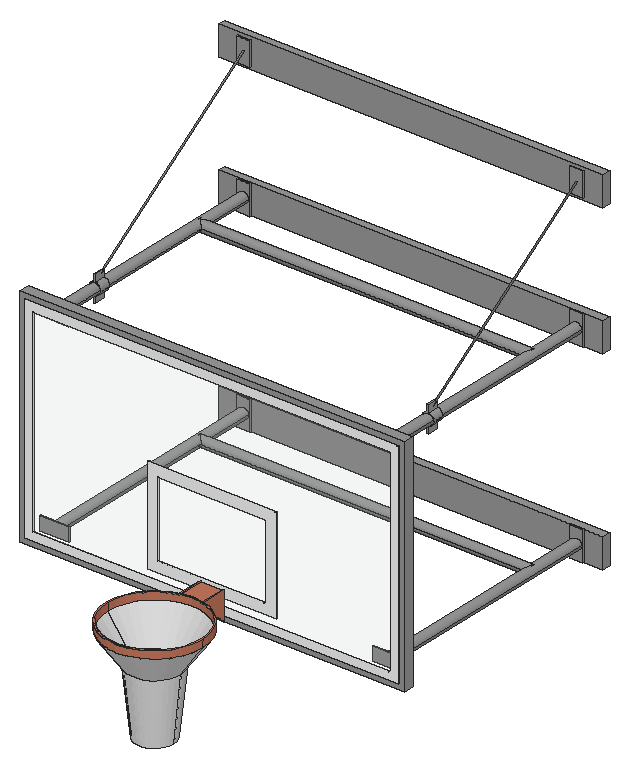
Revit family "Basketball-Structure_Wall-Mount_Stationary_PKGxxSTRG", category Generic Models, Revit 2018
Family settings
  Can host rebar = No
  Round Connector Dimension = Use Diameter
  Part Type = Normal
  OmniClass Number = 23.40.50.34.14
  OmniClass Title = Gymnasium Equipment
  Work Plane-Based = No
  Always vertical = Yes
  Cut with Voids When Loaded = No
  Shared = No
  Room Calculation Point = No
Parameters (values of type "PKG46STRG")
  Width = 6' - 0"
  Wall Plate Material = Wood
  URL = "https://ipibybison.com/"
  Test Data = "http://www.ipibybison.com/ToolBox.php"
  Suspension Type = "Telescoping"
  Support Tubing Material = Steel - Tubular Support
  Support Tubing Diameter = 0' - 1.9"
  Specification = "https://www.arcat.com/arcatcos/cos49/arc49571.html"
  Sales Information = "http://www.ipibybison.com/DealersPage.php"
  Revision = "R1_2018-09"
  Product Data = "http://www.arcat.com/arcatcos/cos38/arc38554.html"
  PKG82STRG Extension Range = "96\" to 144\""
  PKG68STRG Extension Range = "72\" to 96\""
  PKG46STRG Extension Range = "48\" to 72\""
  Netting = Finish - IPI by Bison - White Netting
  Mounting Height [instance] = 8' - 0"
  Model = "As Specified"
  Manufacturer Website = "http://www.ipibybison.com/"
  Manufacturer Phone - Toll Free = "888-438-5311"
  Manufacturer Phone = "888-438-5311"
  Manufacturer Fax = "888-438-5312"
  Manufacturer Address = "603 L St.   Lincoln, NE 68508"
  Manufacturer = "IPI by bison"
  Keynote = "11 66 00"
  Installation-Fabrication = "http://www.ipibybison.com/InstallersPage.php"
  Hoop Finish = Powder Coat - Playground Orange
  Green Building-LEED = "https://www.arcat.com/green/green_building.shtml"
  Extension Depth = 4' - 0"
  Drawn By = "Sumex Design, Inc. / Robert S. Weygant, CSI, CDT, SCIP"
  Description = "IPI by Bison Gymnasium Equipment"
  Copyright = "©Arcat Inc."
  Construction Details = "https://www.arcat.com/downloads/38554-brpbis/bim/bison/BRP%20by%20bison"
  Category = ""
  Building Codes = "https://www.brpbybison.com/submittals.html"
  Backboard Material = Fiberglass - Backboard
  Backboard Height = 3' - 6"
  Backboard Frame Material = Steel - Tubular Support
Types (3): name | Manufacturer | Extension Depth
  PKG68STRG | "IPI by bison" | 6' - 0"
  PKG82STRG | "BRP by bison" | 8' - 0"
  PKG46STRG | "IPI by bison" | 4' - 0"
Reference planes (in)
  plane 1 "Back": y = 0
  plane 2 "Floor": z = 0
  plane 3 "Center (Left/Right)": x = 0
  plane 4 "Front": y = -48
  plane 5: y = -46
  plane 6 "Left": x = -36
  plane 7 "Right": x = 36
  plane 8 "Chain Alignment": x = -31.188
  plane 9 "Backboard Bottom": z = 96
  plane 10 "Chain Alignment 2": x = 31.188
  plane 11 "Top": z = 138
  plane 12: z = 135.091
  plane 13: z = 98.909
  plane 14: y = -1.5
  plane 15: y = -1.75
  plane 16: y = -45.75
  plane 17: z = 137.841
  plane 18: z = 132.341
  plane 19: z = 96.159
  plane 20: z = 101.659
  plane 21: x = -32.438
  plane 22: x = -29.938
  plane 23: x = 32.438
  plane 24: x = 29.938
  plane 25: z = 101.25
  plane 26: y = -48.0625
  plane 27: y = -12
  plane 28: z = 156.841
  plane 29 "Top Plate": z = 162.341
  plane 30: y = -34.5
  plane 31: y = -36.5
  plane 32: y = -35.5
  plane 33: z = 159.591
  plane 34: z = 136.841
Forms (in)
  Extrusion 1, solid, material "Steel - Tubular Support" <- "Support Tubing Material"
    sketch origin (0, 0, 0) x (1, 0, 0) y (0, 0, 1)
      loop
        circle (-31.188, 98.909) r 0.95
      loop
        circle (-31.188, 135.091) r 0.95
      loop
        circle (31.188, 98.909) r 0.95
      loop
        circle (31.188, 135.091) r 0.95
    from 1.75 to 45.75
  Extrusion 2, solid, material "Wood" <- "Wall Plate Material"
    sketch origin (0, 0, 0) x (0, 1, 0) y (0, 0, 1)
      loop
        line (0, 137.841) -> (-1.5, 137.841) -> (-1.5, 132.341) -> (0, 132.341) -> (0, 137.841)
      loop
        line (0, 101.659) -> (-1.5, 101.659) -> (-1.5, 96.159) -> (0, 96.159) -> (0, 101.659)
      loop
        line (0, 162.341) -> (-1.5, 162.341) -> (-1.5, 156.841) -> (0, 156.841) -> (0, 162.341)
    from -36 to 36
  Extrusion 3, solid, material "Steel - Tubular Support" <- "Support Tubing Material"
    sketch origin (0, 0, 0) x (1, 0, 0) y (0, 0, 1)
      loop
        line (-32.438, 137.841) -> (-32.438, 132.341) -> (-29.938, 132.341) -> (-29.938, 137.841) -> (-32.438, 137.841)
      loop
        line (29.938, 137.841) -> (29.938, 132.341) -> (32.438, 132.341) -> (32.438, 137.841) -> (29.938, 137.841)
      loop
        line (-32.438, 101.659) -> (-32.438, 96.159) -> (-29.938, 96.159) -> (-29.938, 101.659) -> (-32.438, 101.659)
      loop
        line (29.938, 101.659) -> (29.938, 96.159) -> (32.438, 96.159) -> (32.438, 101.659) -> (29.938, 101.659)
      loop
        line (-32.438, 161.841) -> (-32.438, 157.341) -> (-29.938, 157.341) -> (-29.938, 161.841) -> (-32.438, 161.841)
      loop
        line (32.438, 161.841) -> (29.938, 161.841) -> (29.938, 157.341) -> (32.438, 157.341) -> (32.438, 161.841)
    from 1.5 to 1.75
  Extrusion 4, solid, material "Steel - Tubular Support" <- "Support Tubing Material"
    sketch origin (0, 0, 0) x (1, 0, 0) y (0, 0, 1)
      loop
        line (-33.938, 133.841) -> (-28.438, 133.841) -> (-28.438, 136.341) -> (-33.938, 136.341) -> (-33.938, 133.841)
      loop
        line (33.938, 133.841) -> (33.938, 136.341) -> (28.438, 136.341) -> (28.438, 133.841) -> (33.938, 133.841)
      loop
        line (-33.938, 97.659) -> (-28.438, 97.659) -> (-28.438, 100.159) -> (-33.938, 100.159) -> (-33.938, 97.659)
      loop
        line (33.938, 97.659) -> (33.938, 100.159) -> (28.438, 100.159) -> (28.438, 97.659) -> (33.938, 97.659)
    from 45.75 to 46
  Extrusion 5, solid, material "Steel - Tubular Support" <- "Backboard Frame Material"
    sketch origin (0, 0, 0) x (1, 0, 0) y (0, 0, 1)
      loop
        line (-36, 138) -> (-36, 96) -> (36, 96) -> (36, 138) -> (-36, 138)
      loop
        line (-35, 137) -> (-35, 97) -> (35, 97) -> (35, 137) -> (-35, 137)
    from 46 to 48
  Extrusion 6, solid, material "Powder Coat - White"
    sketch origin (0, 0, 0) x (1, 0, 0) y (0, 0, 1)
      loop
        line (-35, 137) -> (-35, 97) -> (35, 97) -> (35, 137) -> (-35, 137)
      loop
        line (-33.5, 98.5) -> (33.5, 98.5) -> (33.5, 135.5) -> (-33.5, 135.5) -> (-33.5, 98.5)
      loop
        line (-12.061, 99.898) -> (12.061, 99.898) -> (12.061, 117.898) -> (-12.061, 117.898) -> (-12.061, 99.898)
      loop
        line (-10.061, 115.898) -> (-10.061, 101.898) -> (10.061, 101.898) -> (10.061, 115.898) -> (-10.061, 115.898)
    from 48 to 48.0625
  Extrusion 7, solid, material "Fiberglass - Backboard" <- "Backboard Material"
    sketch origin (0, 0, 0) x (1, 0, 0) y (0, 0, 1)
      loop
        line (-35, 137) -> (-35, 97) -> (35, 97) -> (35, 137) -> (-35, 137)
    from 46 to 48
  Extrusion 8, solid, material "Steel - Tubular Support" <- "Support Tubing Material"
    sketch origin (0, 0, 0) x (0, 1, 0) y (0, 0, 1)
      loop
        circle (-12, 135.091) r 0.95
      loop
        circle (-12, 98.909) r 0.95
    from -31.188 to 31.188
  Extrusion 9, solid, material "Steel - Tubular Support" <- "Support Tubing Material"
    sketch origin (0, 0, 0) x (1, 0, 0) y (0, 0, 1)
      loop
        circle (-31.188, 135.091) r 0.95
      loop
        arc (-31.313, 136.18535) -> (-32.28946, 135.091) -> (-31.313, 133.99665) r 1.10146
        line (-31.313, 133.99665) -> (-31.313, 132.657) -> (-31.063, 132.657) -> (-31.063, 133.99665)
        arc (-31.063, 133.99665) -> (-30.08654, 135.091) -> (-31.063, 136.18535) r 1.10146
        line (-31.063, 136.18535) -> (-31.063, 137.525) -> (-31.313, 137.525) -> (-31.313, 136.18535)
      loop
        circle (31.188, 135.091) r 0.95
      loop
        line (31.313, 136.18535) -> (31.313, 137.525) -> (31.063, 137.525) -> (31.063, 136.18535)
        arc (31.063, 136.18535) -> (30.08654, 135.091) -> (31.063, 133.99665) r 1.10146
        line (31.063, 133.99665) -> (31.063, 132.657) -> (31.313, 132.657) -> (31.313, 133.99665)
        arc (31.313, 133.99665) -> (32.28946, 135.091) -> (31.313, 136.18535) r 1.10146
    from 34.5 to 36.5
  Sweep 10, solid, material "Steel - Tubular Support" <- "Support Tubing Material"
    path origin (-31.188, 0, 0) x (0, 1, 0) y (0, 0, 1)
      loop
        line (-1.75, 159.591) -> (-35.5, 136.82634)
    profile origin (-31.188, -18.625, 148.20867) x (0, 0.559193, -0.829038) y (1, 0, 0)
      loop
        circle (0, 0) r 0.125
  Sweep 11, solid, material "Steel - Tubular Support" <- "Support Tubing Material"
    path origin (31.188, 0, 0) x (0, 1, 0) y (0, 0, 1)
      loop
        line (-1.75, 159.591) -> (-35.5, 136.82634)
    profile origin (31.188, -18.625, 148.20867) x (0, -0.559193, 0.829038) y (-1, 0, 0)
      loop
        circle (0, 0) r 0.125
Dimensions and locks (in)
  "Extension Depth": plane 1 "Back" to plane 4 "Front"
  locked: plane 5 to plane 4 "Front" at 2
  equal spacing: plane 6 "Left", plane 3 "Center (Left/Right)", plane 7 "Right"
  "Width": plane 6 "Left" to plane 7 "Right"
  "Mounting Height": plane 9 "Backboard Bottom" to level
  "Backboard Height": plane 11 "Top" to plane 9 "Backboard Bottom"
  plane 14 to plane 1 "Back" = 0' - 1 1/2"
  locked: plane 14 to plane 15 at 0.25
  locked: plane 16 to plane 5 at 0.25
  equal spacing: plane 17, plane 12, plane 18
  locked: plane 17 to plane 18 at 5.5
  equal spacing: plane 20, plane 13, plane 19
  locked: plane 20 to plane 19 at 5.5
  equal spacing: plane 22, plane 8 "Chain Alignment", plane 21
  locked: plane 22 to plane 21 at 2.5
  equal spacing: plane 24, plane 10 "Chain Alignment 2", plane 23
  locked: plane 24 to plane 23 at 2.5
  equal spacing: Extrusion 4 sketch curve, plane 8 "Chain Alignment", Extrusion 4 sketch curve  (x2)
  locked: Extrusion 4 sketch curve to Extrusion 4 sketch curve at 5.5  (x4)
  equal spacing: Extrusion 4 sketch curve, plane 12, Extrusion 4 sketch curve  (x2)
  locked: Extrusion 4 sketch curve to Extrusion 4 sketch curve at 2.5  (x4)
  equal spacing: Extrusion 4 sketch curve, plane 10 "Chain Alignment 2", Extrusion 4 sketch curve  (x2)
  equal spacing: Extrusion 4 sketch curve, plane 13, Extrusion 4 sketch curve  (x2)
  locked: plane 11 "Top" to Extrusion 5 sketch curve at 1
  locked: Extrusion 5 sketch curve to Extrusion 5 sketch curve at 1
  locked: Extrusion 5 sketch curve to plane 7 "Right" at 1
  locked: Extrusion 5 sketch curve to plane 6 "Left" at 1
  Extrusion 6 sketch curve to Extrusion 5 to plane 6 "Left" = 0' - 1 1/2" locked, 0' - 1" locked
  Extrusion 6 sketch curve to Extrusion 5 to plane 7 "Right" = 0' - 1 1/2" locked, 0' - 1" locked
  plane 11 "Top" to Extrusion 5 to Extrusion 6 sketch curve = 0' - 1" locked, 0' - 1 1/2" locked
  Extrusion 6 sketch curve to Extrusion 5 to plane 9 "Backboard Bottom" = 0' - 1 1/2" locked, 0' - 1" locked
  locked: plane 21 to plane 6 "Left" at 3.562
  locked: plane 23 to plane 7 "Right" at 3.562
  locked: Extrusion 6 to plane 6 "Left" at 1
  locked: Extrusion 6 to plane 7 "Right" at 1
  locked: Extrusion 6 to plane 9 "Backboard Bottom" at 1
  locked: plane 11 "Top" to Extrusion 6 at 1
  locked: plane 25 to plane 9 "Backboard Bottom" at 5.25
  locked: plane 4 "Front" to plane 26 at 0.0625
  equal spacing: Extrusion 6 sketch curve, plane 3 "Center (Left/Right)", Extrusion 6 sketch curve
  locked: Extrusion 6 sketch curve to Extrusion 6 sketch curve at 2  (x4)
  locked: Extrusion 6 sketch curve to Extrusion 6 sketch curve at 14
  locked: Extrusion 6 sketch curve to plane 9 "Backboard Bottom" at 3.898
  locked: plane 27 to plane 1 "Back" at 12
  locked: plane 29 "Top Plate" to Extrusion 3 sketch curve at 0.5  (x2)
  locked: Extrusion 3 sketch curve to plane 28 at 0.5  (x2)
  locked: Extrusion 9 sketch curve to plane 12 at 2.434  (x2)
  locked: plane 12 to Extrusion 9 sketch curve at 2.434  (x2)
  locked: plane 30 to plane 31 at 2
  equal spacing: plane 30, plane 32, plane 31
  equal spacing: plane 29 "Top Plate", plane 33, plane 28
  locked: plane 17 to plane 34 at 1
  locked: plane 30 to plane 26 at 13.5625
  locked: plane 29 "Top Plate" to plane 28 at 5.5
  locked: plane 29 "Top Plate" to plane 17 at 24.5
  locked: plane 19 to plane 9 "Backboard Bottom" at 0.159
  locked: plane 11 "Top" to plane 17 at 0.159
  "Support Tubing Diameter": diameter of Extrusion 1 sketch curve  (x4)
  "Support Tubing Diameter": diameter of Extrusion 8 sketch curve  (x2)
  aligned and locked: plane 2 "Floor" to level
  aligned and locked: plane 8 "Chain Alignment" to Extrusion 1 sketch curve  (x2)
  aligned and locked: plane 13 to Extrusion 1 sketch curve  (x2)
  aligned and locked: plane 12 to Extrusion 1 sketch curve  (x2)
  aligned and locked: plane 10 "Chain Alignment 2" to Extrusion 1 sketch curve  (x2)
  aligned and locked: Extrusion 1 to plane 16
  aligned and locked: plane 15 to Extrusion 1
  aligned and locked: Extrusion 2 sketch curve to plane 17
  aligned and locked: plane 14 to Extrusion 2 sketch curve  (x3)
  aligned and locked: plane 1 "Back" to Extrusion 2 sketch curve  (x3)
  aligned and locked: plane 18 to Extrusion 2 sketch curve
  aligned and locked: Extrusion 2 sketch curve to plane 20
  aligned and locked: plane 19 to Extrusion 2 sketch curve
  aligned and locked: Extrusion 2 to plane 6 "Left"
  aligned and locked: Extrusion 2 to plane 7 "Right"
  aligned and locked: plane 18 to Extrusion 3 sketch curve  (x2)
  aligned and locked: plane 21 to Extrusion 3 sketch curve  (x3)
  aligned and locked: plane 22 to Extrusion 3 sketch curve  (x3)
  aligned and locked: Extrusion 3 sketch curve to plane 17  (x2)
  aligned and locked: plane 23 to Extrusion 3 sketch curve  (x2)
  aligned and locked: plane 24 to Extrusion 3 sketch curve  (x2)
  aligned and locked: plane 19 to Extrusion 3 sketch curve  (x2)
  aligned and locked: Extrusion 3 sketch curve to plane 20  (x2)
  aligned and locked: plane 14 to Extrusion 3
  aligned and locked: Extrusion 3 to plane 15
  aligned and locked: Extrusion 4 to plane 5
  aligned and locked: plane 16 to Extrusion 4
  aligned and locked: plane 6 "Left" to Extrusion 5 sketch curve
  aligned and locked: Extrusion 5 sketch curve to plane 11 "Top"
  aligned and locked: plane 9 "Backboard Bottom" to Extrusion 5 sketch curve
  aligned and locked: plane 7 "Right" to Extrusion 5 sketch curve
  aligned and locked: plane 5 to Extrusion 5
  aligned and locked: Extrusion 5 to plane 4 "Front"
  aligned and locked: plane 5 to Extrusion 7
  aligned and locked: nested 1 to plane 3 "Center (Left/Right)"
  aligned and locked: plane 25 to nested 1
  aligned and locked: nested 1 to plane 4 "Front"
  aligned and locked: plane 4 "Front" to Extrusion 6
  aligned and locked: plane 26 to Extrusion 6
  aligned and locked: Extrusion 7 to plane 4 "Front"
  aligned and locked: plane 27 to Extrusion 8 sketch curve  (x2)
  aligned and locked: plane 12 to Extrusion 8 sketch curve
  aligned and locked: Extrusion 8 to plane 8 "Chain Alignment"
  aligned and locked: Extrusion 8 to plane 10 "Chain Alignment 2"
  aligned and locked: plane 13 to Extrusion 8 sketch curve
  aligned and locked: plane 28 to Extrusion 2 sketch curve
  aligned and locked: Extrusion 2 sketch curve to plane 29 "Top Plate"
  aligned and locked: Extrusion 3 sketch curve to plane 24
  aligned and locked: Extrusion 3 sketch curve to plane 23
  aligned and locked: plane 8 "Chain Alignment" to Extrusion 9 sketch curve
  aligned and locked: plane 12 to Extrusion 9 sketch curve  (x2)
  aligned and locked: plane 10 "Chain Alignment 2" to Extrusion 9 sketch curve
  aligned and locked: plane 30 to Extrusion 9
  aligned and locked: Extrusion 9 to plane 31
  aligned and locked: plane 33 to Sweep 10 sketch curve
  aligned and locked: plane 32 to Sweep 10 sketch curve
  aligned and locked: plane 15 to Sweep 10 sketch curve
  aligned and locked: plane 32 to Sweep 11 sketch curve
  aligned and locked: plane 15 to Sweep 11 sketch curve
Automatic sketch dimensions
  plane 34 to Extrusion 6 sketch curve = 0' - 0.159"
  plane 6 "Left" to Extrusion 6 sketch curve = 0' - 1"
  Extrusion 6 sketch curve to plane 3 "Center (Left/Right)" = 1' - 0.061"
  plane 7 "Right" to Extrusion 6 sketch curve = 0' - 1"
  plane 19 to Extrusion 6 sketch curve = 0' - 0.841"
  plane 6 "Left" to Extrusion 7 sketch curve = 0' - 1"
  plane 7 "Right" to Extrusion 7 sketch curve = 0' - 1"
  plane 19 to Extrusion 7 sketch curve = 0' - 0.841"
  plane 34 to Extrusion 7 sketch curve = 0' - 0.159"
  Extrusion 9 sketch curve to Extrusion 9 sketch curve = 0' - 0"  (x10)
  Extrusion 9 sketch curve to plane 8 "Chain Alignment" = 0' - 0 1/8"  (x2)
  plane 8 "Chain Alignment" to Extrusion 9 sketch curve = 0' - 0 1/8"  (x2)
  plane 10 "Chain Alignment 2" to Extrusion 9 sketch curve = 0' - 0 1/8"  (x2)
  Extrusion 9 sketch curve to plane 10 "Chain Alignment 2" = 0' - 0 1/8"  (x2)
  Extrusion 9 sketch curve to plane 12 = 0' - 1.09435"  (x2)
  Sweep 10 sketch curve to plane 34 = 0' - 0.01466"
  Sweep 10 sketch curve to plane 8 "Chain Alignment" = 0' - 0"
  Sweep 10 sketch curve to profile plane = 0' - 0"
  Sweep 11 sketch curve to profile plane = 0' - 0"  (x2)
  Sweep 11 sketch curve to plane 33 = 0' - 0"
  plane 34 to Sweep 11 sketch curve = 0' - 0.01466"
  radius of Extrusion 9 sketch curve = 0' - 0.95"  (x2)
  radius of Sweep 10 sketch curve = 0' - 0 1/8"
  radius of Sweep 11 sketch curve = 0' - 0 1/8"
Nested families (in)
  nested 1: "Playground-System_Heavy-Duty-4_1-2in_PR52_Basket" at (0, -48, 101.25), Netting <- "Netting", Frame <- "Hoop Finish", type "Playground-System_Heavy-Duty-4_1-2in_PR52_Basket"
    with Netting Finish - IPI by Bison - White Netting, Frame Powder Coat - Playground Orange
Definition of nested family "Playground-System_Heavy-Duty-4_1-2in_PR52_Basket"
  Parameters (values of type "Playground-System_Heavy-Duty-4_1-2in_PR52_Basket")
    Netting [instance] = none
    Frame [instance] = none
  Reference planes (in)
    plane 1 "Center (Front/Back)": y = 0
    plane 2: z = 0
    plane 3 "Center (Left/Right)": x = 0
    plane 4 "Net": y = -13.5
    plane 5: x = -2.25
    plane 6: x = 2.25
  Forms (in)
    Extrusion 1, solid, material <- "Frame"
      sketch origin (0, 0, 0) x (1, 0, 0) y (0, 1, 0)
        loop
          circle (0, -13.5) r 9
        loop
          circle (0, -13.5) r 8.75
      from -1.38229 to 0
    Extrusion 2, solid, material <- "Frame"
      sketch origin (0, 0, 0) x (0, 1, 0) y (0, 0, 1)
        loop
          line (0, 0) -> (-4.75, 0) -> (-4.75, -1.1813) -> (0, -5.25) -> (0, 0)
      from -2.25 to -2.06458
    Extrusion 3, solid, material <- "Frame"
      sketch origin (0, 0, 0) x (0, 1, 0) y (0, 0, -1)
        loop
          line (0, 0) -> (0, 5.25) -> (-4.75, 1.1813) -> (-4.75, 0) -> (0, 0)
      from -2.25 to -2.06458
    Extrusion 4, solid, material <- "Frame"
      sketch origin (0, 0, 0) x (0, 1, 0) y (0, 0, 1)
        loop
          line (-4.75, 0) -> (-4.75, -0.25) -> (-0.25, -0.25) -> (-0.25, -5.03586) -> (0, -5.25) -> (0, 0) -> (-4.75, 0)
      from -2.06458 to 2.06458
    Revolve 5, solid, material <- "Netting"
      sketch origin (0, -13.5, 0) x (-1, 0, 0) y (0, 0, 1)
        loop
          line (9, -1.38229) -> (8.8474, -1.38229) -> (4.72063, -7.27592) -> (3.4482, -19.38229) -> (3.57389, -19.38229) -> (4.84157, -7.32114) -> (9, -1.38229)
        axis (0, -1.38229) -> (0, -19.38229)
      angle from 0 to 360
  Dimensions and locks (in)
    locked: level to Extrusion 1 at 1.38229
    locked: plane 4 "Net" to plane 1 "Center (Front/Back)" at 13.5
    equal spacing: plane 6, plane 3 "Center (Left/Right)", plane 5
    locked: plane 6 to plane 5 at 4.5
    aligned and locked: plane 2 to level
    aligned and locked: level to Extrusion 1
  Automatic sketch dimensions
    Extrusion 1 sketch curve to Extrusion 1 sketch curve = 0' - 0"  (x2)
    Extrusion 1 sketch curve to plane 3 "Center (Left/Right)" = 0' - 0"
    Extrusion 1 sketch curve to plane 4 "Net" = 0' - 0"
    Revolve 5 sketch curve to plane 3 "Center (Left/Right)" = 0' - 0"
    Revolve 5 sketch curve to plane 5 = 0' - 1.1982"
    Revolve 5 sketch curve to Revolve 5 sketch curve = 0' - 0.12569"
    Revolve 5 sketch curve to plane 5 = 0' - 2.47063"
    Revolve 5 sketch curve to Revolve 5 sketch curve = 0' - 0.12094"
    Revolve 5 sketch curve to level = 0' - 1.38229"  (x2)
    Revolve 5 sketch curve to plane 5 = 0' - 6.5974"
    Revolve 5 sketch curve to Revolve 5 sketch curve = 0' - 0.1526"
    Revolve 5 sketch curve to Revolve 5 sketch curve = 0' - 0.04522"
    Revolve 5 sketch curve to Revolve 5 sketch curve = 1' - 0.06115"
    Revolve 5 sketch curve to Revolve 5 sketch curve = 0' - 1"
    Revolve 5 sketch curve to Revolve 5 sketch curve = 0' - 5.89364"
    Extrusion 2 sketch curve to level = 0' - 0"
    Extrusion 2 sketch curve to plane 1 "Center (Front/Back)" = 0' - 0"
    Extrusion 2 sketch curve to level = 0' - 1.1813"
    plane 1 "Center (Front/Back)" to Extrusion 2 sketch curve = 0' - 4 3/4"
    Extrusion 2 sketch curve to level = 0' - 5 1/4"
    Extrusion 3 sketch curve to level = 0' - 0"
    Extrusion 3 sketch curve to plane 1 "Center (Front/Back)" = 0' - 0"
    Extrusion 3 sketch curve to level = 0' - 1.1813"
    plane 1 "Center (Front/Back)" to Extrusion 3 sketch curve = 0' - 4 3/4"
    Extrusion 3 sketch curve to level = 0' - 5 1/4"
    Extrusion 4 sketch curve to level = 0' - 0"
    Extrusion 4 sketch curve to plane 1 "Center (Front/Back)" = 0' - 0"
    plane 1 "Center (Front/Back)" to Extrusion 4 sketch curve = 0' - 0 1/4"
    Extrusion 4 sketch curve to level = 0' - 0 1/4"
    Extrusion 4 sketch curve to Extrusion 4 sketch curve = 0' - 4 1/2"
    Extrusion 4 sketch curve to Extrusion 4 sketch curve = 0' - 4.78586"
    Extrusion 4 sketch curve to Extrusion 4 sketch curve = 0' - 0.21414"
    radius of Extrusion 1 sketch curve = 0' - 9"
    radius of Extrusion 1 sketch curve = 0' - 8 3/4"
